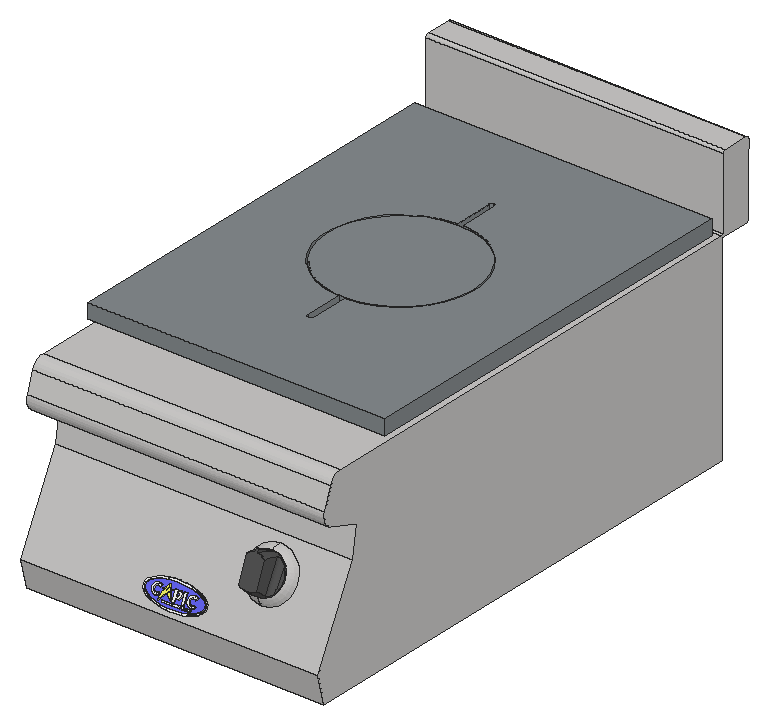
Revit family "QF_CAPIC_AVEN_W540413", category Equipement spécialisé, Revit 2018
Family settings
  Cote de connecteur circulaire = Utiliser le diamètre
  Type d'élément = Normal
  Numéro OmniClass = 23.40.40.14
  Titre OmniClass = Food Service Equipment
  Basée sur le plan de construction = Non
  Toujours verticalement = Oui
  Couper avec des vides une fois chargée = Non
  Partagée = Non
  Point de calcul de pièce = Non
Parameters (values of type "400 x 725 x 270 mm")
  URL catalogue = "http://www.capic-fr.com/fr/"
  Type de Raccord Plomberie [instance] = ""
  Type de Raccord Electrique [instance] = ""
  Type de Gaz = ""
  Type article [instance] = ""
  Tension = 0 V
  Spécification du Fabricant = ""
  Show Logo [instance] = yes
  Remarques evacuation [instance] = ""
  Remarques Plomberie [instance] = ""
  Remarques Electricité [instance] = ""
  Puissance électrique  = 0 W
  Puissance Gaz kW = 6
  Profondeur hors tout = 725 mm
  Pression Maximum Eau Adoucie = 0.0 Pa
  Poids net à vide = 56.00 kg
  Phase = 0
  Modèle = "W540413"
  Longueur hors tout = 400 mm
  Intensité nominale = 0 A
  Hauteur hors tout = 390 mm
  Hauteur de Raccordement du Sol Finis = 0 mm
  Hauteur de Raccordement Gaz du Sol Finis = 692 mm
  Hauteur de Raccordement Evacuation Directe du Sol Finis = 0 mm
  Hauteur de Raccordement Eau Froide du Sol Finis = 0 mm
  Hauteur de Raccordement Eau Chaude du Sol Finis = 0 mm
  Hauteur de Raccordement Eau Adoucie du Sol Finis = 0 mm
  Fréquence = 0 Hz
  Fabricant = "CAPIC"
  Débit d'air d'extraction = 0.0 m³/h
  Débit Gaz = 0.0 L/s
  Débit Eau Froide = 0.0 L/s
  Débit Eau Chaude = 0.0 L/s
  Débit Eau Adoucie = 0.0 L/s
  Diamètre de Raccordement Gaz = 15 mm
  Diamètre de Raccordement Evacuation = 0 mm
  Diamètre de Raccordement Eau Froide = 0 mm
  Diamètre de Raccordement Eau Chaude = 0 mm
  Diamètre de Raccordement Eau Adoucie = 0 mm
  Description = "Plaque coup de feu"
  Assembly Code = ""
  Classification  Omniclass nombre et titre = "23.40.40.14"
Reference planes
  plane 1 "Centre (avant/arrière)": y = 0
  plane 2: z = 0
  plane 3 "Centre (gauche/droite)": x = 0
  plane 4: x = 400
  plane 5: y = -336.124
  plane 6: x = 201.276
Forms (mm)
  Extrusion 1, solid, material "QF_Stainless Steel-Brushed"
    sketch origin (0, -45.05, 638) x (0, 1, 0) y (0, 0, 1)
      loop
        line (1.05, 270.397) -> (-641.347, 270.397)
        arc (-641.347, 270.397) -> (-651.671, 267.142) -> (-658.261, 258.553) r 18
        line (-658.261, 258.553) -> (-667.837, 232.245)
        arc (-667.837, 232.245) -> (-667.236, 218.482) -> (-657.078, 209.174) r 18
        line (-657.078, 209.174) -> (-613.251, 193.222) -> (-619.754, 152.161) -> (-680.074, 38.717) -> (-668.972, 0) -> (0, 0) -> (0, 268.397) -> (42.05, 268.397) -> (44.05, 270.397) -> (44.05, 356.397) -> (45.05, 356.397) -> (45.05, 368.397)
        arc (45.05, 368.397) -> (43.878, 371.225) -> (41.05, 372.397) r 4
        line (41.05, 372.397) -> (7.05, 372.397)
        arc (7.05, 372.397) -> (4.222, 371.225) -> (3.05, 368.397) r 4
        line (3.05, 368.397) -> (3.05, 272.397)
        arc (3.05, 272.397) -> (2.464, 270.983) -> (1.05, 270.397) r 2
    from 0 to 400
  Extrusion 2, solid, material "QF_Cast Iron"
    sketch origin (-351, 158.876, 36.897) x (1, 0, 0) y (0, 1, 0)
      loop
        line (351, -220) -> (351, -770) -> (751, -770) -> (751, -220) -> (351, -220)
      loop
        arc (556.276, -594.92) -> (652.276, -495) -> (556.276, -395.08) r 100
        line (556.276, -395.08) -> (556.276, -343)
        arc (556.276, -343) -> (552.276, -339) -> (548.276, -343) r 4
        line (548.276, -343) -> (548.276, -395.08)
        arc (548.276, -395.08) -> (452.276, -495) -> (548.276, -594.92) r 100
        line (548.276, -594.92) -> (548.276, -647)
        arc (548.276, -647) -> (552.276, -651) -> (556.276, -647) r 4
        line (556.276, -647) -> (556.276, -594.92)
      loop
        circle (552.276, -495) r 98
    from 880 to 900
Dimensions and locks
  "Longueur hors tout": plane 3 "Centre (gauche/droite)" to plane 4
  aligned and locked: level to plane 2
  aligned and locked: plane 4 to Extrusion 1
  aligned and locked: Extrusion 1 to plane 3 "Centre (gauche/droite)"
Automatic sketch dimensions
  level to Extrusion 1 sketch curve = 638 mm
  plane 1 "Centre (avant/arrière)" to Extrusion 1 sketch curve = 45.05 mm
  level to Extrusion 1 sketch curve = 831.222 mm
  plane 1 "Centre (avant/arrière)" to Extrusion 1 sketch curve = 658.301 mm
  level to Extrusion 1 sketch curve = 790.161 mm
  Extrusion 1 sketch curve to Extrusion 1 sketch curve = 6.503 mm
  Extrusion 1 sketch curve to Extrusion 1 sketch curve = 28.096 mm
  Extrusion 1 sketch curve to Extrusion 1 sketch curve = 9.575 mm
  level to Extrusion 1 sketch curve = 847.174 mm
  Extrusion 1 sketch curve to Extrusion 1 sketch curve = 6.156 mm  (x2)
  level to Extrusion 1 sketch curve = 896.553 mm
  Extrusion 1 sketch curve to Extrusion 1 sketch curve = 16.914 mm  (x2)
  level to Extrusion 1 sketch curve = 870.245 mm
  Extrusion 1 sketch curve to Extrusion 1 sketch curve = 49.218 mm
  level to Extrusion 1 sketch curve = 676.717 mm
  Extrusion 1 sketch curve to Extrusion 1 sketch curve = 11.102 mm
  plane 1 "Centre (avant/arrière)" to Extrusion 1 sketch curve = 44 mm
  plane 1 "Centre (avant/arrière)" to Extrusion 1 sketch curve = 42 mm
  Extrusion 1 sketch curve to Extrusion 1 sketch curve = 4 mm  (x2)
  Extrusion 1 sketch curve to Extrusion 1 sketch curve = 34 mm
  Extrusion 1 sketch curve to Extrusion 1 sketch curve = 39 mm
  Extrusion 1 sketch curve to Extrusion 1 sketch curve = 3 mm
  Extrusion 1 sketch curve to Extrusion 1 sketch curve = 1 mm
  Extrusion 1 sketch curve to Extrusion 1 sketch curve = 2 mm
  Extrusion 1 sketch curve to Extrusion 1 sketch curve = 86 mm
  Extrusion 1 sketch curve to Extrusion 1 sketch curve = 12 mm
  Extrusion 2 sketch curve to Extrusion 2 sketch curve = 0 mm  (x7)
  Extrusion 2 sketch curve to plane 3 "Centre (gauche/droite)" = 0 mm
  Extrusion 2 sketch curve to plane 5 = 0 mm
  Extrusion 2 sketch curve to plane 6 = 0 mm  (x3)
  Extrusion 2 sketch curve to plane 4 = 0 mm
  Extrusion 2 sketch curve to plane 6 = 4 mm
  Extrusion 2 sketch curve to Extrusion 2 sketch curve = 4 mm
  Extrusion 2 sketch curve to plane 5 = 99.92 mm
  Extrusion 2 sketch curve to Extrusion 2 sketch curve = 52.08 mm  (x2)
  Extrusion 2 sketch curve to Extrusion 2 sketch curve = 123 mm
  plane 1 "Centre (avant/arrière)" to Extrusion 2 sketch curve = 61.124 mm
  radius of Extrusion 2 sketch curve = 98 mm
Nested families
  nested 1: "QF_Details_LogoCapic" at (200, -713.73, 698.145) x (1, 0, 0) z (0, -0.8829, 0.4695), visible <- "Show Logo", type "QF_Details_LogoCapic"
  nested 2: "QF_Details_BoutonCde_face" at (310, -685.811, 750.653) x (1, 0, 0) z (0, -0.8829, 0.4695), type "QF_Details_BoutonCde_face"
Definition of nested family "QF_Details_LogoCapic"
  Parameters (values of type "QF_Details_LogoCapic")
    Default Elevation = 1219.2 mm
  Reference planes
    plane 1 "Centre (avant/arrière)": y = 0
    plane 2: z = 0
    plane 3 "Centre (gauche/droite)": x = 0
  Forms (mm)
    Extrusion 1, solid
      sketch origin (0, 0, 0) x (1, 0, 0) y (0, 1, 0)
        loop
          line (-1219.2, 1219.2) -> (-1219.2, -1219.2) -> (1219.2, -1219.2) -> (1219.2, 1219.2) -> (-1219.2, 1219.2)
      from 0 to -304.8
    Extrusion 2, solid
      sketch origin (0, 0, 0) x (1, 0, 0) y (0, 1, 0)
        loop
          spline (42.486, 0) -> (41.038, 4.53) -> (36.793, 8.751) -> (30.041, 12.376) -> (21.24, 15.157) -> (10.992, 16.906) -> (-0.005, 17.502) -> (-11.003, 16.906) -> (-21.251, 15.157) -> (-30.051, 12.376) -> (-36.804, 8.751) -> (-41.048, 4.53) -> (-42.496, 0)
          spline (-42.496, 0) -> (-41.048, -4.53) -> (-36.804, -8.751) -> (-30.051, -12.376) -> (-21.251, -15.157) -> (-11.003, -16.906) -> (-0.005, -17.502) -> (10.992, -16.906) -> (21.24, -15.157) -> (30.041, -12.376) -> (36.793, -8.751) -> (41.038, -4.53) -> (42.486, 0)
        loop
          spline (40.459, 0) -> (39.08, 4.005) -> (35.038, 7.737) -> (28.607, 10.942) -> (20.227, 13.401) -> (10.468, 14.947) -> (-0.005, 15.474) -> (-10.478, 14.947) -> (-20.237, 13.401) -> (-28.618, 10.942) -> (-35.048, 7.737) -> (-39.091, 4.005) -> (-40.47, 0)
          spline (-40.47, 0) -> (-39.091, -4.005) -> (-35.048, -7.737) -> (-28.618, -10.942) -> (-20.237, -13.401) -> (-10.478, -14.947) -> (-0.005, -15.474) -> (10.468, -14.947) -> (20.227, -13.401) -> (28.607, -10.942) -> (35.038, -7.737) -> (39.08, -4.005) -> (40.459, 0)
      from 0 to 1
    Extrusion 3, solid
      sketch origin (0, 0, 0) x (1, 0, 0) y (0, 1, 0)
        loop
          spline (-40.47, 0) -> (-39.085, -4.012) -> (-35.047, -7.734) -> (-28.617, -10.941) -> (-20.237, -13.401) -> (-10.478, -14.946) -> (-0.005, -15.474) -> (10.468, -14.947) -> (20.227, -13.401) -> (28.606, -10.942) -> (35.038, -7.737) -> (39.081, -4.004) -> (40.459, 0)
          spline (40.459, 0) -> (39.075, 4.012) -> (35.037, 7.734) -> (28.607, 10.941) -> (20.227, 13.401) -> (10.467, 14.946) -> (-0.005, 15.474) -> (-10.478, 14.947) -> (-20.237, 13.401) -> (-28.617, 10.942) -> (-35.048, 7.737) -> (-39.091, 4.004) -> (-40.47, 0)
      from 0 to 1
    Extrusion 4, solid
      sketch origin (0, 0, 0.5) x (1, 0, 0) y (0, 1, 0)
        loop
          line (-20.944, 3.897) -> (-18.992, 5.849)
          arc (-18.992, 5.849) -> (-30.967, 0.712) -> (-18.902, -4.211) r 7.063
          line (-18.902, -4.211) -> (-20.854, -2.259)
          arc (-20.854, -2.259) -> (-28.207, 0.712) -> (-20.944, 3.897) r 4.303
      from 0 to 1
    Extrusion 5, solid
      sketch origin (0, 0, 0.5) x (1, 0, 0) y (0, 1, 0)
        loop
          line (-1.061, 7.837) -> (-1.061, -6.288) -> (1.738, -6.288) -> (1.738, -2.065) -> (4.782, -2.065)
          spline (4.782, -2.065) -> (5.836, -1.896) -> (6.819, -1.402) -> (7.663, -0.615) -> (8.311, 0.411) -> (8.718, 1.605) -> (8.856, 2.886) -> (8.718, 4.168) -> (8.311, 5.362) -> (7.663, 6.387) -> (6.819, 7.174) -> (5.836, 7.669) -> (4.782, 7.837)
          line (4.782, 7.837) -> (-1.061, 7.837)
        loop
          line (1.738, 5.077) -> (1.738, 0.775) -> (4.418, 0.775)
          spline (4.418, 0.775) -> (4.819, 0.848) -> (5.193, 1.063) -> (5.514, 1.405) -> (5.761, 1.85) -> (5.916, 2.369) -> (5.969, 2.926) -> (5.916, 3.483) -> (5.761, 4.002) -> (5.514, 4.447) -> (5.193, 4.789) -> (4.819, 5.004) -> (4.418, 5.077)
          line (4.418, 5.077) -> (1.738, 5.077)
      from 0 to 1
    Extrusion 6, solid
      sketch origin (0, 0, 0.5) x (1, 0, 0) y (0, 1, 0)
        loop
          line (11.122, 7.837) -> (11.122, -6.288) -> (14.009, -6.288) -> (14.009, 7.837) -> (11.122, 7.837)
      from 0 to 1
    Extrusion 7, solid
      sketch origin (47.835, 0, 0.5) x (1, 0, 0) y (0, 1, 0)
        loop
          line (-20.944, 3.897) -> (-18.992, 5.849)
          arc (-18.992, 5.849) -> (-30.967, 0.712) -> (-18.902, -4.211) r 7.063
          line (-18.902, -4.211) -> (-20.854, -2.259)
          arc (-20.854, -2.259) -> (-28.207, 0.712) -> (-20.944, 3.897) r 4.303
      from 0 to 1
    Extrusion 8, solid
      sketch origin (0, 0, 0.5) x (1, 0, 0) y (0, 1, 0)
        loop
          line (-14.086, -8.467) -> (-14.086, -10.703) -> (-0.382, -10.703) -> (-0.382, -8.467) -> (-14.086, -8.467)
        loop
          line (1.692, -7.694) -> (1.692, -10.703) -> (10.598, -10.703) -> (10.598, -7.694) -> (1.692, -7.694)
        loop
          circle (14.095, -9.117) r 1.311
        loop
          circle (18.365, -9.117) r 1.311
        loop
          circle (22.635, -9.117) r 1.311
      from 0 to 1
    Extrusion 9, solid
      sketch origin (0, 0, 0.5) x (1, 0, 0) y (0, 1, 0)
        loop
          arc (-10.078, 10.027) -> (-16.152, 0.742) -> (-18.987, -9.985) r 34.734
          arc (-18.987, -9.985) -> (-13.545, -2.96) -> (-7.054, 3.109) r 55.667
          line (-7.054, 3.109) -> (-10.078, 10.027)
        loop
          line (-10.891, 5.813) -> (-12.476, 3.068) -> (-9.306, 3.068) -> (-10.891, 5.813)
      from 0 to 1
    Extrusion 10, solid
      sketch origin (0, 0, 0.5) x (1, 0, 0) y (0, 1, 0)
        loop
          line (-17.978, 3.413) -> (-16.228, 2.092) -> (-14.209, 5.589) -> (-17.978, 3.413)
        loop
          line (-7.246, 5.196) -> (-6.474, 3.433) -> (-3.608, 5.838) -> (-7.246, 5.196)
        loop
          line (-10.905, -1.415) -> (-2.534, -6.652) -> (-6.862, 2.629) -> (-10.905, -1.415)
      from 0 to 1
  Dimensions and locks
    aligned and locked: plane 2 to Extrusion 1
    aligned and locked: level to Extrusion 1
Definition of nested family "QF_Details_BoutonCde_face"
  Parameters (values of type "QF_Details_BoutonCde_face")
    Default Elevation = 1219.2 mm
  Reference planes
    plane 1 "Centre (avant/arrière)": y = 0
    plane 2: z = 0
    plane 3 "Centre (gauche/droite)": x = 0
  Forms (mm)
    Extrusion 1, solid
      sketch origin (0, 0, 0) x (1, 0, 0) y (0, 1, 0)
        loop
          line (-1219.2, 1219.2) -> (-1219.2, -1219.2) -> (1219.2, -1219.2) -> (1219.2, 1219.2) -> (-1219.2, 1219.2)
      from 0 to -304.8
    Revolve 2, solid
      sketch origin (0, -424.122, 22.212) x (0, 0, -1) y (0, 1, 0)
        loop
          arc (5.871, 449.971) -> (-8.423, 448.326) -> (-22.417, 444.983) r 120.076
          line (-22.417, 444.983) -> (-22.417, 424.125) -> (5.871, 424.125) -> (5.871, 449.971)
        axis (5.871, 424.125) -> (-22.417, 424.125)
      angle from 0 to 360
    Extrusion 3, void
      sketch origin (0, -424.122, 22.212) x (1, 0, 0) y (0, 0, -1)
        loop
          line (-20.046, 5.019) -> (-26.533, 5.019) -> (-26.533, -26.12) -> (-11.799, -26.12) -> (-12.009, -22.113) -> (-13.084, -1.588)
          arc (-13.084, -1.588) -> (-15.247, 3.104) -> (-20.046, 5.019) r 6.971
      from 398.385 to 449.971
    Extrusion 4, void
      sketch origin (0, -424.122, 22.212) x (-1, 0, 0) y (0, 0, 1)
        loop
          arc (-20.046, -5.019) -> (-15.247, -3.104) -> (-13.084, 1.588) r 6.971
          line (-13.084, 1.588) -> (-12.009, 22.113) -> (-11.799, 26.12) -> (-26.533, 26.12) -> (-26.533, -5.019) -> (-20.046, -5.019)
      from 398.385 to 449.971
    Extrusion 5, solid
      sketch origin (0, -424.122, 22.212) x (1, 0, 0) y (0, 1, 0)
        loop
          line (-1.769, 450.075) -> (-1.769, 444.575) -> (1.769, 444.575) -> (1.769, 450.075) -> (-1.769, 450.075)
      from -5.871 to 22.417
    Revolve 6, solid
      sketch origin (0, -424.122, 22.212) x (0, 0, -1) y (0, 1, 0)
        loop
          arc (17.212, 458.76) -> (10.984, 455.085) -> (5.871, 449.971) r 28.739
          line (5.871, 449.971) -> (5.871, 424.122) -> (17.212, 424.122) -> (17.212, 458.76)
        axis (17.212, 424.122) -> (5.871, 424.122)
      angle from 0 to 360
    Extrusion 7, void
      sketch origin (0, -597.063, -962.31) x (0, 0.156434, -0.987688) y (0, 0.987688, 0.156434)
        loop
          line (-897.081, 772.866) -> (-914.868, 772.866) -> (-914.868, 714.91) -> (-901.134, 714.91) -> (-897.081, 772.866)
      from -22.625 to 23.018
  Cuts and joins
    Extrusion 3, Extrusion 4, Extrusion 7 cuts Revolve 2
    Extrusion 7 cuts Extrusion 5
    joined: Revolve 2, Extrusion 5
  Dimensions and locks
    aligned and locked: plane 2 to Extrusion 1
    aligned and locked: level to Extrusion 1
